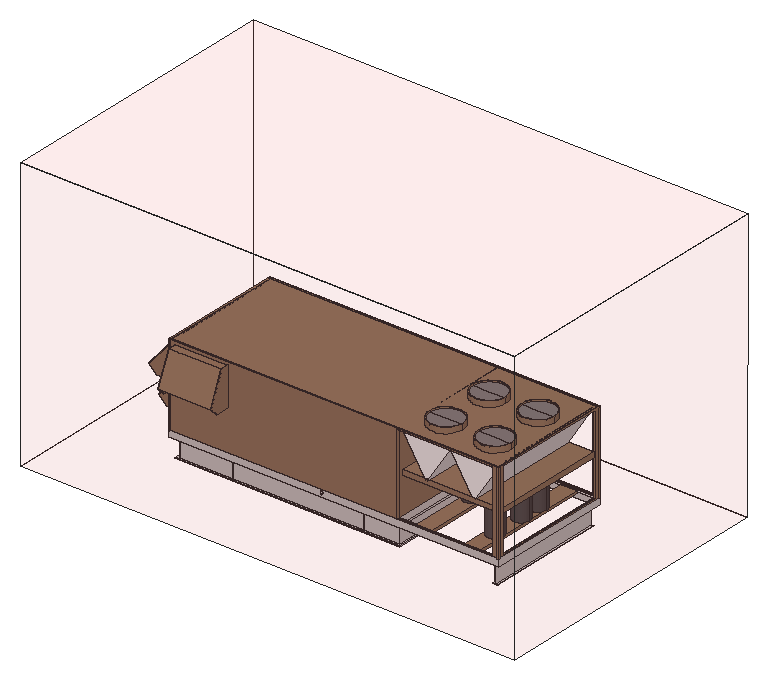
Revit family
Parameters (values of type "25 Ton - A - C - X - 208V")
  Width = 92"  # constant formula
  Water Heating Pressure Drop [instance] = 0.00 psi
  Voltage = 0 V
  URL = "www.johnsoncontrols.com"
  Temperature Rise Range [instance] = 0 °F
  Supply Fan HP = 0 W
  Supply Fan Full Load Current = 0 A
  Supply Air Connection Width = 71 39/64"  # constant formula
  Supply Air Connection Height = 26"  # constant formula
  Supply Air Connection Description = "Supply Air"  # constant formula
  Steam Outlet Connector Description = "Steam Out"  # constant formula
  Steam Inlet Connection Description = "Steam In"  # constant formula
  Steam Connection Diameter = 2"  # constant formula
  Steady State Efficiency [instance] = 0
  Static Resistance [instance] = 0
  Serial Number [instance] = ""
  Seasonal Energy Efficiency Rating [instance] = 0
  Right Screen Detail Width = Width - 8"  # 84"
  Return Dry Bulb Temperature [instance] = 68 °F
  Return Air Connection Width = 83"  # constant formula
  Return Air Connection Height = 38 151/256"  # constant formula
  Return Air Connection Description = "Return Air"  # constant formula
  Refrigerant Used = "R-410A"  # constant formula
  Refrigerant Charge System Two = 12.00 lbf
  Refrigerant Charge System Three = 10.00 lbf
  Refrigerant Charge System One = 12.00 lbf
  Refrigerant Charge System Four = 10.00 lbf
  Product Page URL = "http://www.johnsoncontrols.com/publish/us/en/products/building_efficiency/integrated_hvac_systems/Industrial___Commercial_HVAC_Equipment/single-package_units/series_40.html"
  Product Documentation Link = "http://www.johnsoncontrols.com/publish/etc/medialib/jci/be/commercial/products/industrial___commercial/single-package_units.Par.8585.File.dat/series%2040%20-V%20series.pdf"
  Power Supply Connection Diameter = 3 5/8"  # constant formula
  Power Front Connection Diameter = 2 1/2"  # constant formula
  Power Factor = 1  # constant formula
  Power Exhaust Width = 59 133/256"  # constant formula
  Power Exhaust [instance] = yes
  Power Convenience Outlet Description [instance] = if(Power Convenience Outlet, "Convenience Electrical Connection", "Disable")  # "Disable"
  Power Convenience Outlet [instance] = no
  Power Connector Description = "Power Wirering Connection"  # constant formula
  Outdoor Ambient Temperature [instance] = 75 °F
  Outdoor Air Wet Bulb Temperature [instance] = 57 °F
  Operating Weight = 4410.00 lbf
  OmniClass Title = "Packaged Rooftop Air Conditioning Units"  # constant formula
  OmniClass Number = "23.75.10.24.21.27.14"  # constant formula
  Number of Poles = 3
  Nominal Cooling Capacity = 25.0 ton
  Model = "V32AX"
  Maximum Overcurrent Protection = 0 A
  Manufacturer = "Johnson Controls, Inc."  # constant formula
  Length = 240"  # constant formula
  Keynote = "15700"
  Integrated Part Load Value = 0
  Hot Gas By Pass [instance] = no
  Height = 64"  # constant formula
  Steam Connection Radius = Steam Connection Diameter / 2  # 1"
  Heating Coil Size = "22.5\" x 65\""
  Heating Coil Row Count = 2
  Heating Coil Fin Density per Inch = 16  # constant formula
  Power Front Connection Radius = Power Front Connection Diameter / 2  # 1 1/4"
  Frame Material = Metal - JCI - Steel - Galvanized With Wood Nailer
  Frame Finish = Paint - JCI - Powder Coated - Champagne
  Filter Type = ""
  Filter Size and Quantity = "4 / 16x25 and 6 / 20x25"  # constant formula
  Family Revision Date = "06/18/2010"  # constant formula
  External Static Pressure [instance] = 0.00 in-wg
  Exhaust Fan Type = "FC"  # constant formula
  Exhaust Fan Quantity = 1
  Exhaust Fan HP [instance] = 0 W
  Exhaust Fan Drive = "Belt Drive"
  Exhaust Air Flow = 0 CFM
  Exhaust Air Blower Full Load Current = 0 A
  Evaporator Coil Row Count = 2
  Evaporator Coil Fins per Inch = 16  # constant formula
  Evaporator Coil Face Area = 26.00 SF
  Economizer Damper Hood Right [instance] = not(Economizer Damper Hood Left)  # yes
  Door Screen Detail Height = Height - 5 5/8"  # 58 3/8"
  Design Supply Air Flow [instance] = 0 CFM
  Curb Exists [instance] = yes
  Convenience Outlet Voltage [instance] = if(Power Convenience Outlet, 115 V, 0 V)  # 0 V
  Convenience Outlet Full Load Current = 0 A
  Energy Efficiency Rating = 10.5
  Economizer Damper Hood Left [instance] = no
  Description = "Air Handling Unit, Commercial Comfort Systems, Series 40, Cooling And Steam Water Heating-Bottom Return And Bottom Supply - 25 to 40 Ton Unit"  # constant formula
  Curb Width = 87"  # constant formula
  Curb Thicknes = 2"  # constant formula
  Curb Metal Gauge = 1/8"  # constant formula
  Curb Length = 235"  # constant formula
  Curb Height = 14"
  Curb Material = Metal - JCI - Steel - Galvanized With Wood Nailer
  Copyright © = "Copyright © 2001-2009 Johnson Controls"  # constant formula
  Connection Opening Radius = 1 1/4"  # constant formula
  Condenser Fan Quantity = 1
  Condenser Fan HP = 0 W
  Condenser Fan Full Load Current = 0 A
  Condenser Fan Drive Type = "Belt Drive"
  Condenser Fan Diameter = 24"
  Condenser Coil Rows = 2
  Condenser Coil Material = Metal - JCI - Aluminum - Perforated - Micro Channel
  Condenser Coil Fins per Inch = 16  # constant formula
  Condensate Drain Flow [instance] = 0 GPM
  Condensate Drain Connection Radius = Condensate Drain Connection Diameter / 2  # 3/4"
  Condensate Drain Connection Diameter = 1 1/2"  # constant formula
  Condensate Drain Connection Description = "Condensate Drain"  # constant formula
  Compressor Type = "Scroll"  # constant formula
  Compressor Size = "5.7 Tons"
  Compressor Running Load Current = 0 A
  Compressor Quantity = 4
  Compressor Maximum Continuous Current = 0 A
  Compressor Material = Metal - JCI - Cast Iron - Coated Black
  Compressor Locked Rotor Current = 0 A
  Clearance Top = 120"
  Clearance Right = 60"
  Clearance Left = 60"
  Clearance Front = 60"
  Clearance Bottom [instance] = if(Curb Exists, CTRL Curb Height, 0")  # 14"
  Clearance Back = 60"
  Clearance [instance] = Include Clearance : Include Clearance
  Power Supply Connection Radius = Power Supply Connection Diameter / 2  # 1 13/16"
  CTRL Curb Height [instance] = if(Curb Exists, if(Curb Height < 9", 8", 14"), 0")  # 14"
  Assembly Code = "D3050200"
  Actual Supply Air Flow [instance] = 0 CFM
  Actual Return Air Flow [instance] = 0 CFM
  Actual Evaporator Supply Flow [instance] = 0 GPM
  Actual Evaporator Return Flow [instance] = 0 GPM
Reference planes (in)
  plane 1 "Center (Front/Back)": y = 0
  plane 2 "Curb Bottom": z = 0
  plane 3 "Center (Left/Right)": x = 0
  plane 4 "Curb Left": x = -117.5
  plane 5 "Curb Right": x = 117.5
  plane 6 "Curb Front": y = -43.5
  plane 7 "Curb Back": y = 43.5
  plane 8 "Return Air Left": x = -115.5
  plane 9 "Right Rail Center L/R": x = 115.5
  plane 10 "Return Air Front": y = -41.5
  plane 11 "Return Air Back": y = 41.5
  plane 12 "Curb Top": z = 14
  plane 13 "Curb Top Offset": z = 12.5
  plane 14 "Return Air Right": x = -76.91016
  plane 15 "Return Air Right Inset": x = -74.91016
  plane 16 "Supply Air Left": x = 18.17984
  plane 17 "Supply Air Right'": x = 44.17984
  plane 18 "Supply Air Right Offset": x = 46.17984
  plane 19 "Supply Air Left Offset": x = 16.17984
  plane 20 "Supply Air Front": y = -30.10938
  plane 21 "Supply Air Front Offset": y = -32.10938
  plane 22 "Right Rail Left": x = 113.5
  plane 23 "Right": x = 120
  plane 24 "Left": x = -120
  plane 25 "Back": y = 46
  plane 26 "Front": y = -46
  plane 27 "Center of Drain Connection L/R": x = -39.07
  plane 28 "Top of Base": z = 18.625
  plane 29 "Drain Center T/B": z = 16.3125
  plane 30 "Drain Back": y = 47
  plane 31 "Flanged Drain Left": x = -42.195
  plane 32 "Flanged Drain Right": x = -35.945
  plane 33 "Center of Electrical Connection L/R": x = -8.5
  plane 34 "Center of Electrical Connection F/B": y = -39.54
  plane 35 "Center of Connection Holes T/B": z = 17.0625
  plane 36 "Power Exhaust Bottom": z = 21.94
  plane 37 "Center (Elevation)": z = 46
  plane 38 "Top Inset": z = 77.5
  plane 39 "Top": z = 78
  plane 40 "Top of Economizer Rain Hood": z = 76
  plane 41 "Condenser Fans Right": x = 99.66996
  plane 42 "Condenser Fans Center L/R": x = 81.83992
  plane 43 "Condenser Fans Left": x = 64.00988
  plane 44 "Condenser Fans Back": y = 15.33333
  plane 45 "Condenser Fans Front": y = -23.97667
  plane 46 "Water Outlet Center L/R": x = 41.62984
  plane 47 "Water Outlet Center F/B": y = -37.62
  plane 48 "Steam Inlet Center F/B": y = -38
  plane 49 "Steam Inlet Center L/R": x = 27.17984
  plane 50 "Power Convenience Outlet Center L/R": x = -14.5
  plane 51 "Power Convenience Outlet Right": x = -13.75
  plane 52 "Power Convenience Outlet Left": x = -15.25
  plane 53 "Power Convenience Outlet Bottom": z = 16.0625
  plane 54 "Power Convenience Outlet Top": z = 18.0625
  plane 55 "Power Convenience Outlet Front": y = -46.75
  plane 56 "Supply Center": x = 31.17984
  plane 57 "Supply Middle": y = 5.69937
  plane 58 "Return Center": x = -96.20508
Forms (in)
  Sweep 1, solid, material "Metal - JCI - Steel - Galvanized With Wood Nailer" <- "Curb Material", visible <- "Curb Exists", detail levels fine
    path origin (0, 0, 0) x (1, 0, 0) y (0, 1, 0)
      loop
        line (-115.5, 41.5) -> (-115.5, -41.5) -> (44.17984, -41.5) -> (44.17984, 41.5) -> (-115.5, 41.5)
    profile origin (-35.66008, 41.5, 0) x (0, 1, 0) y (0, 0, 1)
      loop
        line (0, 0) -> (2, 0) -> (2, 0.125) -> (0.125, 0.125) -> (0.125, 13.875) -> (1.875, 13.875) -> (1.875, 12.5) -> (2, 12.5) -> (2, 14) -> (0, 14) -> (0, 0)
  Extrusion 2, solid, material "Metal - JCI - Steel - Galvanized With Wood Nailer" <- "Curb Material", visible <- "Curb Exists", detail levels fine
    sketch origin (0, 0, 0) x (1, 0, 0) y (0, 0, 1)
      loop
        line (16.17984, 12.5) -> (16.30484, 12.5) -> (16.30484, 13.875) -> (18.05484, 13.875) -> (18.05484, 0.125) -> (16.17984, 0.125) -> (16.17984, 0) -> (18.17984, 0) -> (18.17984, 14) -> (16.17984, 14) -> (16.17984, 12.5)
      loop
        line (-74.91016, 12.5) -> (-74.91016, 14) -> (-76.91016, 14) -> (-76.91016, 0) -> (-74.91016, 0) -> (-74.91016, 0.125) -> (-76.78516, 0.125) -> (-76.78516, 13.875) -> (-75.03516, 13.875) -> (-75.03516, 12.5) -> (-74.91016, 12.5)
    from -41.5 to 41.5
  Extrusion 3, solid, material "Metal - JCI - Steel - Galvanized With Wood Nailer" <- "Curb Material", visible <- "Curb Exists", detail levels fine
    sketch origin (0, 0, 0) x (0, 1, 0) y (0, 0, 1)
      loop
        line (-32.10938, 0.125) -> (-32.10938, 0) -> (-30.10938, 0) -> (-30.10938, 14) -> (-32.10938, 14) -> (-32.10938, 12.5) -> (-31.98438, 12.5) -> (-31.98438, 13.875) -> (-30.23438, 13.875) -> (-30.23438, 0.125) -> (-32.10938, 0.125)
    from 18.17984 to 44.17984
  Extrusion 4, solid, material "Metal - JCI - Steel - Galvanized With Wood Nailer" <- "Curb Material", visible <- "Curb Exists", detail levels fine
    sketch origin (0, 0, 0) x (1, 0, 0) y (0, 0, 1)
      loop
        line (113.5, 0.125) -> (113.5, 0) -> (117.5, 0) -> (117.5, 0.125) -> (115.625, 0.125) -> (115.625, 13.875) -> (117.375, 13.875) -> (117.375, 12.5) -> (117.5, 12.5) -> (117.5, 14) -> (113.5, 14) -> (113.5, 12.5) -> (113.625, 12.5) -> (113.625, 13.875) -> (115.375, 13.875) -> (115.375, 0.125) -> (113.5, 0.125)
    from -43.5 to 43.5
  Extrusion 5, solid, material "Metal - JCI - Steel - Galvanized With Wood Nailer" <- "Curb Material", visible <- "Curb Exists", detail levels medium
    sketch origin (0, 0, 12.5) x (-1, 0, 0) y (0, -1, 0)
      loop
        line (117.5, -43.5) -> (117.5, 43.5) -> (-46.17984, 43.5) -> (-46.17984, -43.5) -> (117.5, -43.5)
      loop
        line (-113.5, -43.5) -> (-113.5, 43.5) -> (-117.5, 43.5) -> (-117.5, -43.5) -> (-113.5, -43.5)
    from -12.5 to 1.5
  Revolve 6, solid, material "Metal - JCI - Steel - Galvanized With Wood Nailer" <- "Curb Material", detail levels medium+fine
    sketch origin (0, 0, 16.3125) x (-1, 0, 0) y (0, -1, 0)
      loop
        line (39.07, -47) -> (39.07, -46) -> (38.32, -46) -> (38.32, -47) -> (39.07, -47)
      axis (39.07, -46) -> (39.07, -47)
    angle from 0 to 360
  Extrusion 7, solid, material "Metal - JCI - Steel - Galvanized With Wood Nailer" <- "Curb Material", detail levels medium+fine
    sketch origin (0, -43.5, 0) x (-1, 0, 0) y (0, 0, 1)
      loop
        line (42.195, 18.625) -> (35.945, 18.625) -> (35.945, 14) -> (42.195, 14) -> (42.195, 18.625)
      loop
        circle (39.07, 16.3125) r 0.75
    from 89.5 to 89.57955
  Extrusion 8, solid, material "Metal - JCI - Steel - Galvanized With Wood Nailer" <- "Frame Material", visible <- "Power Convenience Outlet"
    sketch origin (0, -43.5, 0) x (-1, 0, 0) y (0, 0, 1)
      loop
        circle (8.5, 17.0625) r 1.25
    from -2.5 to 3.96
  Extrusion 9, void
    sketch origin (0, 0, 16.3125) x (-1, 0, 0) y (0, -1, 0)
      loop
        line (-18.17984, -41.5) -> (-18.17984, 30.10938) -> (-44.17984, 30.10938) -> (-44.17984, -41.5) -> (-18.17984, -41.5)
    from -3.8125 to -2.3125
  Extrusion 10, void
    sketch origin (0, 0, 16.3125) x (-1, 0, 0) y (0, -1, 0)
      loop
        line (115.5, -41.5) -> (115.5, 41.5) -> (76.91016, 41.5) -> (76.91016, -41.5) -> (115.5, -41.5)
    from -3.8125 to -2.3125
  Extrusion 11, void
    sketch origin (0, 0, 16.3125) x (-1, 0, 0) y (0, -1, 0)
      loop
        circle (-27.17984, 38) r 1
    from -3.8125 to 2.3125
  Extrusion 12, void
    sketch origin (0, 0, 16.3125) x (-1, 0, 0) y (0, -1, 0)
      loop
        circle (-41.62984, 37.62) r 1
    from -3.8125 to 2.3125
  Extrusion 13, solid, material "Metal - JCI - Steel - Galvanized With Wood Nailer" <- "Frame Material", visible <- "Power Convenience Outlet", detail levels medium+fine
    sketch origin (0, -46, 0) x (-1, 0, 0) y (0, 0, 1)
      loop
        line (15.25, 18.0625) -> (13.75, 18.0625) -> (13.75, 16.0625) -> (15.25, 16.0625) -> (15.25, 18.0625)
    from -0.75 to 0
Lines and regions (in)
  Masking region 1
    outline origin (0, 0, 0) x (1, 0, 0) y (0, 0, 1)
      loop
        line (113.5, 14) -> (113.5, 0) -> (117.5, 0) -> (117.5, 14) -> (113.5, 14)
      loop
        line (-117.5, 14) -> (-117.5, 0) -> (46.17984, 0) -> (46.17984, 14) -> (-117.5, 14)
  Masking region 2
    outline origin (0, 0, 0) x (0, 1, 0) y (0, 0, 1)
      loop
        line (-43.5, 14) -> (-43.5, 0) -> (43.5, 0) -> (43.5, 14) -> (-43.5, 14)
  Masking region 3, visible <- "Power Convenience Outlet", detail levels medium+fine
    outline origin (-14.5, 0, 0) x (0, -1, 0) y (0, 0, 1)
      loop
        line (46.75, 18.0625) -> (46, 18.0625) -> (46, 16.0625) -> (46.75, 16.0625) -> (46.75, 18.0625)
  Masking region 4, visible <- "Power Convenience Outlet"
    outline origin (0, -46, 0) x (-1, 0, 0) y (0, 0, 1)
      loop
        line (15.25, 18.0625) -> (13.75, 18.0625) -> (13.75, 16.0625) -> (15.25, 16.0625) -> (15.25, 18.0625)
  Masking region 5, detail levels medium+fine
    outline origin (-39.07, 0, 0) x (0, -1, 0) y (0, 0, 1)
      loop
        line (-46, 17.0625) -> (-47, 17.0625) -> (-47, 15.5625) -> (-46, 15.5625) -> (-46, 17.0625)
  Masking region 6, detail levels medium+fine
    outline origin (0, 0, 16.3125) x (-1, 0, 0) y (0, -1, 0)
      loop
        line (39.82, -47) -> (39.82, -46) -> (38.32, -46) -> (38.32, -47) -> (39.82, -47)
  model lines, style "Roof Curv", visible <- "Curb Exists", detail levels coarse
    curve 1: line (-117.5, 43.5, 0) -> (46.17984, 43.5, 0)
    curve 2: line (-117.5, 43.5, 0) -> (-117.5, -43.5, 0)
    curve 3: line (-117.5, -43.5, 0) -> (46.17984, -43.5, 0)
    curve 4: line (46.17984, 43.5, 0) -> (46.17984, -43.5, 0)
    curve 5: line (115.5, 43.5, 0) -> (115.5, -43.5, 0)
    curve 6: line (-117.5, 43.5, 14) -> (46.17984, 43.5, 14)
    curve 7: line (-117.5, -43.5, 14) -> (46.17984, -43.5, 14)
    curve 8: line (46.17984, 43.5, 14) -> (46.17984, -43.5, 14)
    curve 9: line (-117.5, 43.5, 14) -> (-117.5, -43.5, 14)
    curve 10: line (115.5, 43.5, 14) -> (115.5, -43.5, 14)
    curve 11: line (113.5, -43.5, 14) -> (117.5, -43.5, 14)
    curve 12: line (113.5, 43.5, 14) -> (117.5, 43.5, 14)
    curve 13: line (113.5, 43.5, 0) -> (117.5, 43.5, 0)
    curve 14: line (113.5, -43.5, 0) -> (117.5, -43.5, 0)
    curve 15: line (117.5, 43.5, 14) -> (117.5, 43.5, 12.5)
    curve 16: line (113.5, 43.5, 14) -> (113.5, 43.5, 12.5)
    curve 17: line (115.5, 43.5, 14) -> (115.5, 43.5, 0)
    curve 18: line (113.5, -43.5, 14) -> (113.5, -43.5, 12.5)
    curve 19: line (117.5, -43.5, 14) -> (117.5, -43.5, 12.5)
    curve 20: line (115.5, -43.5, 14) -> (115.5, -43.5, 0)
    curve 21: line (113.5, 43.5, 0) -> (113.5, -43.5, 0)
    curve 22: line (117.5, 43.5, 0) -> (117.5, -43.5, 0)
    curve 23: line (113.5, 43.5, 14) -> (113.5, -43.5, 14)
    curve 24: line (117.5, 43.5, 14) -> (117.5, -43.5, 14)
    curve 25: line (117.5, 43.5, 12.5) -> (117.5, -43.5, 12.5)
    curve 26: line (113.5, -43.5, 12.5) -> (113.5, 43.5, 12.5)
    curve 27: line (44.17984, 41.5, 14) -> (44.17984, 41.5, 0)
    curve 28: line (-115.5, 41.5, 14) -> (-115.5, 41.5, 0)
    curve 29: line (-115.5, -41.5, 14) -> (-115.5, -41.5, 0)
    curve 30: line (44.17984, -41.5, 14) -> (44.17984, -41.5, 0)
    curve 31: line (-115.5, 41.5, 0) -> (44.17984, 41.5, 0)
    curve 32: line (-115.5, -41.5, 0) -> (44.17984, -41.5, 0)
    curve 33: line (44.17984, 41.5, 0) -> (44.17984, -41.5, 0)
    curve 34: line (-115.5, 41.5, 0) -> (-115.5, -41.5, 0)
    curve 35: line (-115.5, 41.5, 14) -> (44.17984, 41.5, 14)
    curve 36: line (44.17984, 41.5, 14) -> (44.17984, -41.5, 14)
    curve 37: line (44.17984, -41.5, 14) -> (-115.5, -41.5, 14)
    curve 38: line (-115.5, -41.5, 14) -> (-115.5, 41.5, 14)
    curve 39: line (-117.5, 43.5, 14) -> (-115.5, 41.5, 14)
    curve 40: line (-117.5, -43.5, 14) -> (-115.5, -41.5, 14)
    curve 41: line (44.17984, -41.5, 14) -> (46.17984, -43.5, 14)
    curve 42: line (44.17984, 41.5, 14) -> (46.17984, 43.5, 14)
    curve 43: line (44.17984, 41.5, 0) -> (46.17984, 43.5, 0)
    curve 44: line (44.17984, -41.5, 0) -> (46.17984, -43.5, 0)
    curve 45: line (-115.5, -41.5, 0) -> (-117.5, -43.5, 0)
    curve 46: line (-115.5, 41.5, 0) -> (-117.5, 43.5, 0)
    curve 47: line (-117.5, 43.5, 14) -> (-117.5, 43.5, 12.5)
    curve 48: line (46.17984, 43.5, 14) -> (46.17984, 43.5, 12.5)
    curve 49: line (-117.5, -43.5, 14) -> (-117.5, -43.5, 12.5)
    curve 50: line (46.17984, -43.5, 14) -> (46.17984, -43.5, 12.5)
    curve 51: line (-117.5, 43.5, 12.5) -> (46.17984, 43.5, 12.5)
    curve 52: line (-117.5, -43.5, 12.5) -> (-117.5, 43.5, 12.5)
    curve 53: line (46.17984, -43.5, 12.5) -> (-117.5, -43.5, 12.5)
    curve 54: line (46.17984, 43.5, 12.5) -> (46.17984, -43.5, 12.5)
  model lines, style "Roof Curv", detail levels coarse
    curve 55: line (-39.07, 46, 16.3125) -> (-39.07, 47, 16.3125)
  symbolic lines, style "Roof Curv", detail levels coarse
    curve 56: line (-39.07, 46, 16.3125) -> (-39.07, 47, 16.3125)
    curve 57: line (-39.07, 46, 16.3125) -> (-39.07, 47, 16.3125)
  model lines, style "Frame Unit", visible <- "Power Convenience Outlet", detail levels coarse
    curve 58: line (-14.5, -46.75, 17.0625) -> (-14.5, -46, 17.0625)
    curve 60: line (-15.25, -46, 18.0625) -> (-13.75, -46, 18.0625)
    curve 61: line (-13.75, -46, 18.0625) -> (-13.75, -46, 16.0625)
    curve 62: line (-13.75, -46, 16.0625) -> (-15.25, -46, 16.0625)
    curve 63: line (-15.25, -46, 16.0625) -> (-15.25, -46, 18.0625)
  symbolic lines, style "Frame Unit", visible <- "Power Convenience Outlet", detail levels coarse
    curve 59: line (-14.5, -46.75, 17.0625) -> (-14.5, -46, 17.0625)
Dimensions and locks (in)
  "Curb Thicknes": plane 9 "Right Rail Center L/R" to plane 5 "Curb Right"
  "Curb Thicknes": plane 4 "Curb Left" to plane 8 "Return Air Left"
  "Curb Height": plane 12 "Curb Top" to plane 2 "Curb Bottom"
  locked: plane 12 "Curb Top" to plane 13 "Curb Top Offset" at 1.5
  "Curb Metal Gauge": Sweep 1 sketch curve to plane 7 "Curb Back"
  "Curb Metal Gauge": plane 12 "Curb Top" to Sweep 1 sketch curve
  "Curb Metal Gauge": plane 11 "Return Air Back" to Sweep 1 sketch curve
  "Curb Metal Gauge": Sweep 1 sketch curve to plane 2 "Curb Bottom"
  "Curb Thicknes": plane 14 "Return Air Right" to plane 15 "Return Air Right Inset"
  "Return Air Connection Height": plane 8 "Return Air Left" to plane 14 "Return Air Right"
  "Supply Air Connection Height": plane 16 "Supply Air Left" to plane 17 "Supply Air Right'"
  "Curb Thicknes": plane 17 "Supply Air Right'" to plane 18 "Supply Air Right Offset"
  "Curb Thicknes": plane 19 "Supply Air Left Offset" to plane 16 "Supply Air Left"
  locked: plane 18 "Supply Air Right Offset" to plane 5 "Curb Right" at 71.32016
  "Curb Metal Gauge": plane 14 "Return Air Right" to Extrusion 2 sketch curve
  "Curb Metal Gauge": Extrusion 2 sketch curve to plane 2 "Curb Bottom"  (x2)
  "Curb Metal Gauge": Extrusion 2 sketch curve to plane 15 "Return Air Right Inset"
  "Curb Metal Gauge": plane 12 "Curb Top" to Extrusion 2 sketch curve  (x2)
  "Curb Metal Gauge": plane 19 "Supply Air Left Offset" to Extrusion 2 sketch curve
  "Curb Metal Gauge": Extrusion 2 sketch curve to plane 16 "Supply Air Left"
  "Supply Air Connection Width": plane 20 "Supply Air Front" to plane 11 "Return Air Back"
  "Curb Thicknes": plane 20 "Supply Air Front" to plane 21 "Supply Air Front Offset"
  "Curb Metal Gauge": Extrusion 3 sketch curve to plane 20 "Supply Air Front"
  "Curb Metal Gauge": plane 21 "Supply Air Front Offset" to Extrusion 3 sketch curve
  "Curb Metal Gauge": plane 12 "Curb Top" to Extrusion 3 sketch curve
  "Curb Metal Gauge": Extrusion 3 sketch curve to plane 2 "Curb Bottom"
  "Curb Thicknes": plane 22 "Right Rail Left" to plane 9 "Right Rail Center L/R"
  "Curb Metal Gauge": plane 12 "Curb Top" to Extrusion 4 sketch curve
  "Curb Metal Gauge": Extrusion 4 sketch curve to plane 5 "Curb Right"
  "Curb Metal Gauge": Extrusion 4 sketch curve to plane 2 "Curb Bottom"
  "Curb Metal Gauge": Extrusion 4 sketch curve to plane 9 "Right Rail Center L/R"
  "Curb Metal Gauge": plane 9 "Right Rail Center L/R" to Extrusion 4 sketch curve
  "Curb Metal Gauge": Extrusion 4 sketch curve to plane 22 "Right Rail Left"
  equal spacing: plane 24 "Left", plane 3 "Center (Left/Right)", plane 23 "Right"
  "Length": plane 24 "Left" to plane 23 "Right"
  equal spacing: plane 25 "Back", plane 1 "Center (Front/Back)", plane 26 "Front"
  "Width": plane 25 "Back" to plane 26 "Front"
  locked: plane 7 "Curb Back" to plane 25 "Back" at 2.5
  locked: plane 6 "Curb Front" to plane 26 "Front" at 2.5
  "Curb Thicknes": plane 10 "Return Air Front" to plane 6 "Curb Front"
  "Curb Thicknes": plane 11 "Return Air Back" to plane 7 "Curb Back"
  locked: plane 5 "Curb Right" to plane 23 "Right" at 2.5
  locked: plane 24 "Left" to plane 4 "Curb Left" at 2.5
  locked: plane 24 "Left" to plane 27 "Center of Drain Connection L/R" at 80.93
  locked: plane 28 "Top of Base" to plane 12 "Curb Top" at 4.625
  equal spacing: plane 28 "Top of Base", plane 29 "Drain Center T/B", plane 12 "Curb Top"
  "Condensate Drain Connection Radius": Revolve 6 sketch curve to Revolve 6 sketch curve
  locked: plane 25 "Back" to plane 30 "Drain Back" at 1
  equal spacing: plane 32 "Flanged Drain Right", plane 27 "Center of Drain Connection L/R", plane 31 "Flanged Drain Left"
  locked: plane 32 "Flanged Drain Right" to plane 31 "Flanged Drain Left" at 6.25
  "Condensate Drain Connection Radius": Extrusion 7 sketch curve to plane 29 "Drain Center T/B"
  "Condensate Drain Connection Radius": plane 27 "Center of Drain Connection L/R" to Extrusion 7 sketch curve
  locked: plane 25 "Back" to Extrusion 7 at 0.07955
  locked: plane 33 "Center of Electrical Connection L/R" to plane 23 "Right" at 128.5
  locked: plane 34 "Center of Electrical Connection F/B" to plane 26 "Front" at 6.46
  locked: plane 35 "Center of Connection Holes T/B" to plane 12 "Curb Top" at 3.0625
  "Power Front Connection Radius": plane 33 "Center of Electrical Connection L/R" to Extrusion 8 sketch curve
  "Power Front Connection Radius": plane 35 "Center of Connection Holes T/B" to Extrusion 8 sketch curve
  locked: plane 36 "Power Exhaust Bottom" to plane 12 "Curb Top" at 7.94
  locked: plane 39 "Top" to plane 40 "Top of Economizer Rain Hood" at 2
  locked: plane 39 "Top" to plane 38 "Top Inset" at 0.5
  equal spacing: plane 39 "Top", plane 37 "Center (Elevation)", plane 12 "Curb Top"
  "Height": plane 39 "Top" to plane 12 "Curb Top"
  equal spacing: plane 18 "Supply Air Right Offset", plane 43 "Condenser Fans Left", plane 42 "Condenser Fans Center L/R", plane 41 "Condenser Fans Right", plane 5 "Curb Right"
  locked: plane 45 "Condenser Fans Front" to plane 44 "Condenser Fans Back" at 39.31
  locked: plane 44 "Condenser Fans Back" to plane 25 "Back" at 30.66667
  locked: plane 46 "Water Outlet Center L/R" to plane 17 "Supply Air Right'" at 2.55
  locked: plane 47 "Water Outlet Center F/B" to plane 26 "Front" at 8.38
  locked: plane 48 "Steam Inlet Center F/B" to plane 26 "Front" at 8
  locked: plane 16 "Supply Air Left" to plane 49 "Steam Inlet Center L/R" at 9
  "Steam Connection Radius": plane 49 "Steam Inlet Center L/R" to Extrusion 11 sketch curve
  "Steam Connection Radius": plane 48 "Steam Inlet Center F/B" to Extrusion 11 sketch curve
  "Steam Connection Radius": Extrusion 12 sketch curve to plane 47 "Water Outlet Center F/B"
  "Steam Connection Radius": plane 46 "Water Outlet Center L/R" to Extrusion 12 sketch curve
  locked: plane 50 "Power Convenience Outlet Center L/R" to plane 33 "Center of Electrical Connection L/R" at 6
  equal spacing: plane 52 "Power Convenience Outlet Left", plane 50 "Power Convenience Outlet Center L/R", plane 51 "Power Convenience Outlet Right"
  locked: plane 51 "Power Convenience Outlet Right" to plane 52 "Power Convenience Outlet Left" at 1.5
  locked: plane 54 "Power Convenience Outlet Top" to plane 53 "Power Convenience Outlet Bottom" at 2
  equal spacing: plane 54 "Power Convenience Outlet Top", plane 35 "Center of Connection Holes T/B", plane 53 "Power Convenience Outlet Bottom"
  locked: plane 55 "Power Convenience Outlet Front" to plane 26 "Front" at 0.75
  "Condensate Drain Connection Radius": plane 29 "Drain Center T/B" to Masking region 5 sketch curve
  "Condensate Drain Connection Radius": Masking region 5 sketch curve to plane 29 "Drain Center T/B"
  "Condensate Drain Connection Radius": plane 27 "Center of Drain Connection L/R" to Masking region 6 sketch curve
  "Condensate Drain Connection Radius": Masking region 6 sketch curve to plane 27 "Center of Drain Connection L/R"
  "Power Front Connection Radius": radius of Extrusion 8 sketch curve
  "Steam Connection Radius": radius of Extrusion 11 sketch curve
  "Steam Connection Radius": radius of Extrusion 12 sketch curve
  aligned and locked: plane 2 "Curb Bottom" to level
  aligned and locked: Sweep 1 sketch curve to plane 11 "Return Air Back"
  aligned and locked: Sweep 1 sketch curve to plane 12 "Curb Top"
  aligned and locked: plane 13 "Curb Top Offset" to Sweep 1 sketch curve
  aligned and locked: plane 11 "Return Air Back" to Sweep 1 sketch curve
  aligned and locked: plane 10 "Return Air Front" to Sweep 1 sketch curve
  aligned and locked: Sweep 1 sketch curve to plane 8 "Return Air Left"
  aligned and locked: plane 7 "Curb Back" to Sweep 1 sketch curve
  aligned and locked: Sweep 1 sketch curve to plane 2 "Curb Bottom"
  aligned and locked: plane 17 "Supply Air Right'" to Sweep 1 sketch curve
  aligned and locked: plane 16 "Supply Air Left" to Extrusion 2 sketch curve
  aligned and locked: Extrusion 2 sketch curve to plane 19 "Supply Air Left Offset"  (x2)
  aligned and locked: Extrusion 2 sketch curve to plane 12 "Curb Top"
  aligned and locked: plane 2 "Curb Bottom" to Extrusion 2 sketch curve
  aligned and locked: Extrusion 2 sketch curve to plane 15 "Return Air Right Inset"  (x2)
  aligned and locked: plane 14 "Return Air Right" to Extrusion 2 sketch curve
  aligned and locked: plane 12 "Curb Top" to Extrusion 2 sketch curve
  aligned and locked: Extrusion 2 sketch curve to plane 2 "Curb Bottom"
  aligned and locked: Extrusion 2 to plane 11 "Return Air Back"
  aligned and locked: Extrusion 2 to plane 10 "Return Air Front"
  aligned and locked: Extrusion 2 sketch curve to plane 13 "Curb Top Offset"
  aligned and locked: plane 13 "Curb Top Offset" to Extrusion 2 sketch curve
  aligned and locked: Extrusion 3 sketch curve to plane 12 "Curb Top"
  aligned and locked: plane 2 "Curb Bottom" to Extrusion 3 sketch curve
  aligned and locked: Extrusion 3 sketch curve to plane 20 "Supply Air Front"
  aligned and locked: plane 21 "Supply Air Front Offset" to Extrusion 3 sketch curve  (x2)
  aligned and locked: plane 13 "Curb Top Offset" to Extrusion 3 sketch curve
  aligned and locked: plane 16 "Supply Air Left" to Extrusion 3
  aligned and locked: Extrusion 3 to plane 17 "Supply Air Right'"
  aligned and locked: Extrusion 4 sketch curve to plane 12 "Curb Top"
  aligned and locked: plane 22 "Right Rail Left" to Extrusion 4 sketch curve  (x2)
  aligned and locked: plane 13 "Curb Top Offset" to Extrusion 4 sketch curve  (x2)
  aligned and locked: plane 5 "Curb Right" to Extrusion 4 sketch curve  (x2)
  aligned and locked: plane 2 "Curb Bottom" to Extrusion 4 sketch curve
  aligned and locked: Extrusion 4 sketch curve to Extrusion 4 sketch curve  (x2)
  aligned and locked: Extrusion 4 to plane 7 "Curb Back"
  aligned and locked: Extrusion 4 to plane 6 "Curb Front"
  aligned and locked: plane 6 "Curb Front" to curve 4
  aligned and locked: plane 7 "Curb Back" to curve 5
  aligned and locked: plane 6 "Curb Front" to curve 5
  aligned and locked: curve 5 to plane 9 "Right Rail Center L/R"
  aligned and locked: plane 18 "Supply Air Right Offset" to curve 1
  aligned and locked: plane 4 "Curb Left" to curve 3
  aligned and locked: curve 3 to plane 6 "Curb Front"
  aligned and locked: plane 4 "Curb Left" to curve 9
  aligned and locked: plane 18 "Supply Air Right Offset" to curve 7
  aligned and locked: plane 22 "Right Rail Left" to curve 11
  aligned and locked: plane 22 "Right Rail Left" to curve 14
  aligned and locked: plane 5 "Curb Right" to curve 11
  aligned and locked: plane 5 "Curb Right" to curve 14
  aligned and locked: curve 11 to plane 6 "Curb Front"
  aligned and locked: curve 14 to plane 6 "Curb Front"
  aligned and locked: plane 18 "Supply Air Right Offset" to curve 8
  aligned and locked: plane 7 "Curb Back" to curve 10
  aligned and locked: curve 10 to plane 9 "Right Rail Center L/R"
  aligned and locked: plane 5 "Curb Right" to curve 13
  aligned and locked: plane 22 "Right Rail Left" to curve 12
  aligned and locked: plane 22 "Right Rail Left" to curve 13
  aligned and locked: plane 7 "Curb Back" to curve 12
  aligned and locked: plane 7 "Curb Back" to curve 13
  aligned and locked: plane 4 "Curb Left" to curve 6
  aligned and locked: plane 4 "Curb Left" to curve 1
  aligned and locked: plane 18 "Supply Air Right Offset" to curve 6
  aligned and locked: plane 6 "Curb Front" to curve 9
  aligned and locked: plane 6 "Curb Front" to curve 2
  aligned and locked: plane 12 "Curb Top" to curve 18
  aligned and locked: plane 12 "Curb Top" to curve 16
  aligned and locked: plane 12 "Curb Top" to curve 20
  aligned and locked: plane 12 "Curb Top" to curve 17
  aligned and locked: plane 12 "Curb Top" to curve 15
  aligned and locked: plane 12 "Curb Top" to curve 19
  aligned and locked: plane 13 "Curb Top Offset" to curve 18
  aligned and locked: plane 13 "Curb Top Offset" to curve 16
  aligned and locked: plane 13 "Curb Top Offset" to curve 15
  aligned and locked: plane 13 "Curb Top Offset" to curve 19
  aligned and locked: plane 2 "Curb Bottom" to curve 20
  aligned and locked: plane 2 "Curb Bottom" to curve 17
  aligned and locked: curve 16 to plane 22 "Right Rail Left"
  aligned and locked: curve 18 to plane 22 "Right Rail Left"
  aligned and locked: plane 5 "Curb Right" to curve 15
  aligned and locked: plane 5 "Curb Right" to curve 19
  aligned and locked: curve 17 to plane 9 "Right Rail Center L/R"
  aligned and locked: curve 20 to plane 9 "Right Rail Center L/R"
  aligned and locked: plane 5 "Curb Right" to curve 24
  aligned and locked: plane 7 "Curb Back" to curve 24
  aligned and locked: plane 7 "Curb Back" to curve 23
  aligned and locked: plane 7 "Curb Back" to curve 22
  aligned and locked: plane 7 "Curb Back" to curve 21
  aligned and locked: plane 6 "Curb Front" to curve 23
  aligned and locked: plane 6 "Curb Front" to curve 24
  aligned and locked: plane 6 "Curb Front" to curve 21
  aligned and locked: plane 6 "Curb Front" to curve 22
  aligned and locked: plane 7 "Curb Back" to curve 25
  aligned and locked: plane 7 "Curb Back" to curve 26
  aligned and locked: plane 6 "Curb Front" to curve 25
  aligned and locked: plane 5 "Curb Right" to curve 25
  aligned and locked: plane 22 "Right Rail Left" to curve 26
  aligned and locked: plane 12 "Curb Top" to curve 30
  aligned and locked: plane 12 "Curb Top" to curve 27
  aligned and locked: plane 12 "Curb Top" to curve 28
  aligned and locked: plane 12 "Curb Top" to curve 29
  aligned and locked: plane 2 "Curb Bottom" to curve 29
  aligned and locked: plane 2 "Curb Bottom" to curve 28
  aligned and locked: plane 2 "Curb Bottom" to curve 30
  aligned and locked: plane 2 "Curb Bottom" to curve 27
  aligned and locked: plane 17 "Supply Air Right'" to curve 27
  aligned and locked: plane 17 "Supply Air Right'" to curve 30
  aligned and locked: plane 8 "Return Air Left" to curve 28
  aligned and locked: plane 8 "Return Air Left" to curve 29
  aligned and locked: plane 8 "Return Air Left" to curve 31
  aligned and locked: plane 17 "Supply Air Right'" to curve 35
  aligned and locked: plane 10 "Return Air Front" to curve 36
  aligned and locked: plane 10 "Return Air Front" to curve 33
  aligned and locked: plane 17 "Supply Air Right'" to curve 33
  aligned and locked: curve 32 to plane 10 "Return Air Front"
  aligned and locked: plane 8 "Return Air Left" to curve 32
  aligned and locked: plane 10 "Return Air Front" to curve 38
  aligned and locked: curve 38 to plane 8 "Return Air Left"
  aligned and locked: plane 11 "Return Air Back" to curve 31
  aligned and locked: plane 11 "Return Air Back" to curve 35
  aligned and locked: plane 8 "Return Air Left" to curve 39
  aligned and locked: plane 7 "Curb Back" to curve 39
  aligned and locked: plane 11 "Return Air Back" to curve 42
  aligned and locked: plane 7 "Curb Back" to curve 42
  aligned and locked: plane 7 "Curb Back" to curve 43
  aligned and locked: plane 11 "Return Air Back" to curve 43
  aligned and locked: plane 18 "Supply Air Right Offset" to curve 44
  aligned and locked: plane 17 "Supply Air Right'" to curve 44
  aligned and locked: plane 17 "Supply Air Right'" to curve 41
  aligned and locked: plane 4 "Curb Left" to curve 40
  aligned and locked: plane 6 "Curb Front" to curve 40
  aligned and locked: curve 46 to curve 39
  aligned and locked: plane 7 "Curb Back" to curve 46
  aligned and locked: plane 6 "Curb Front" to curve 41
  aligned and locked: plane 13 "Curb Top Offset" to curve 47
  aligned and locked: plane 13 "Curb Top Offset" to curve 49
  aligned and locked: plane 12 "Curb Top" to curve 47
  aligned and locked: plane 12 "Curb Top" to curve 49
  aligned and locked: plane 4 "Curb Left" to curve 47
  aligned and locked: plane 4 "Curb Left" to curve 49
  aligned and locked: plane 13 "Curb Top Offset" to curve 48
  aligned and locked: plane 13 "Curb Top Offset" to curve 50
  aligned and locked: plane 12 "Curb Top" to curve 50
  aligned and locked: plane 12 "Curb Top" to curve 48
  aligned and locked: plane 18 "Supply Air Right Offset" to curve 48
  aligned and locked: plane 18 "Supply Air Right Offset" to curve 50
  aligned and locked: plane 18 "Supply Air Right Offset" to curve 54
  aligned and locked: plane 7 "Curb Back" to curve 51
  aligned and locked: plane 7 "Curb Back" to curve 54
  aligned and locked: plane 6 "Curb Front" to curve 54
  aligned and locked: plane 18 "Supply Air Right Offset" to curve 53
  aligned and locked: plane 6 "Curb Front" to curve 52
  aligned and locked: plane 4 "Curb Left" to curve 53
  aligned and locked: plane 4 "Curb Left" to curve 51
  aligned and locked: plane 18 "Supply Air Right Offset" to curve 51
  aligned and locked: plane 7 "Curb Back" to curve 52
  aligned and locked: plane 7 "Curb Back" to Extrusion 5 sketch curve  (x2)
  aligned and locked: Extrusion 5 sketch curve to plane 4 "Curb Left"
  aligned and locked: plane 6 "Curb Front" to Extrusion 5 sketch curve  (x2)
  aligned and locked: plane 18 "Supply Air Right Offset" to Extrusion 5 sketch curve
  aligned and locked: plane 22 "Right Rail Left" to Extrusion 5 sketch curve
  aligned and locked: plane 5 "Curb Right" to Extrusion 5 sketch curve
  aligned and locked: Extrusion 5 to plane 2 "Curb Bottom"
  aligned and locked: plane 12 "Curb Top" to Extrusion 5
  aligned and locked: plane 27 "Center of Drain Connection L/R" to Revolve 6 sketch curve
  aligned and locked: Revolve 6 sketch curve to plane 25 "Back"
  aligned and locked: Revolve 6 sketch curve to Revolve 6 sketch curve
  aligned and locked: plane 30 "Drain Back" to Revolve 6 sketch curve
  aligned and locked: plane 25 "Back" to curve 55
  aligned and locked: plane 30 "Drain Back" to curve 55
  aligned and locked: plane 27 "Center of Drain Connection L/R" to curve 55
  aligned and locked: plane 30 "Drain Back" to curve 56
  aligned and locked: plane 25 "Back" to curve 56
  aligned and locked: plane 27 "Center of Drain Connection L/R" to curve 56
  aligned and locked: plane 30 "Drain Back" to curve 57
  aligned and locked: plane 25 "Back" to curve 57
  aligned and locked: curve 57 to plane 29 "Drain Center T/B"
  aligned and locked: plane 32 "Flanged Drain Right" to Extrusion 7 sketch curve
  aligned and locked: plane 12 "Curb Top" to Extrusion 7 sketch curve
  aligned and locked: plane 31 "Flanged Drain Left" to Extrusion 7 sketch curve
  aligned and locked: Extrusion 7 sketch curve to plane 28 "Top of Base"
  aligned and locked: plane 25 "Back" to Extrusion 7
  aligned and locked: plane 34 "Center of Electrical Connection F/B" to Extrusion 8
  aligned and locked: Extrusion 8 to plane 26 "Front"
  aligned and locked: plane 1 "Center (Front/Back)" to nested 1
  aligned and locked: plane 12 "Curb Top" to nested 1
  aligned and locked: plane 3 "Center (Left/Right)" to nested 1
  aligned and locked: Masking region 1 sketch curve to plane 12 "Curb Top"  (x2)
  aligned and locked: Masking region 1 sketch curve to plane 4 "Curb Left"
  aligned and locked: plane 2 "Curb Bottom" to Masking region 1 sketch curve  (x2)
  aligned and locked: plane 18 "Supply Air Right Offset" to Masking region 1 sketch curve
  aligned and locked: plane 5 "Curb Right" to Masking region 1 sketch curve
  aligned and locked: plane 22 "Right Rail Left" to Masking region 1 sketch curve
  aligned and locked: Masking region 2 sketch curve to plane 12 "Curb Top"
  aligned and locked: plane 7 "Curb Back" to Masking region 2 sketch curve
  aligned and locked: plane 2 "Curb Bottom" to Masking region 2 sketch curve
  aligned and locked: plane 6 "Curb Front" to Masking region 2 sketch curve
  aligned and locked: plane 11 "Return Air Back" to Extrusion 9 sketch curve
  aligned and locked: Extrusion 9 sketch curve to plane 16 "Supply Air Left"
  aligned and locked: plane 17 "Supply Air Right'" to Extrusion 9 sketch curve
  aligned and locked: plane 20 "Supply Air Front" to Extrusion 9 sketch curve
  aligned and locked: plane 12 "Curb Top" to Extrusion 9
  aligned and locked: plane 11 "Return Air Back" to Extrusion 10 sketch curve
  aligned and locked: plane 14 "Return Air Right" to Extrusion 10 sketch curve
  aligned and locked: plane 10 "Return Air Front" to Extrusion 10 sketch curve
  aligned and locked: Extrusion 10 sketch curve to plane 8 "Return Air Left"
  aligned and locked: plane 12 "Curb Top" to Extrusion 10
  aligned and locked: Extrusion 10 to plane 13 "Curb Top Offset"
  aligned and locked: Extrusion 9 to plane 13 "Curb Top Offset"
  aligned and locked: plane 1 "Center (Front/Back)" to nested 2
  aligned and locked: plane 3 "Center (Left/Right)" to nested 2
  aligned and locked: plane 12 "Curb Top" to nested 2
  aligned and locked: plane 1 "Center (Front/Back)" to nested 3
  aligned and locked: nested 3 to plane 24 "Left"
  aligned and locked: plane 36 "Power Exhaust Bottom" to nested 3
  aligned and locked: plane 1 "Center (Front/Back)" to nested 4
  aligned and locked: nested 4 to plane 24 "Left"
  aligned and locked: plane 40 "Top of Economizer Rain Hood" to nested 4
  aligned and locked: nested 5 to plane 8 "Return Air Left"
  aligned and locked: nested 5 to plane 25 "Back"
  aligned and locked: nested 6 to plane 8 "Return Air Left"
  aligned and locked: nested 6 to plane 26 "Front"
  aligned and locked: plane 40 "Top of Economizer Rain Hood" to nested 5
  aligned and locked: plane 38 "Top Inset" to nested 7
  aligned and locked: nested 7 to plane 42 "Condenser Fans Center L/R"
  aligned and locked: nested 8 to plane 43 "Condenser Fans Left"
  aligned and locked: plane 1 "Center (Front/Back)" to nested 8
  aligned and locked: plane 45 "Condenser Fans Front" to nested 11
  aligned and locked: plane 1 "Center (Front/Back)" to nested 10
  aligned and locked: plane 44 "Condenser Fans Back" to nested 9
  aligned and locked: nested 9 to plane 41 "Condenser Fans Right"
  aligned and locked: nested 10 to plane 41 "Condenser Fans Right"
  aligned and locked: nested 11 to plane 41 "Condenser Fans Right"
  aligned and locked: plane 28 "Top of Base" to nested 11
  aligned and locked: plane 28 "Top of Base" to nested 10
  aligned and locked: plane 28 "Top of Base" to nested 9
  aligned and locked: plane 28 "Top of Base" to nested 8
  aligned and locked: plane 1 "Center (Front/Back)" to nested 7
  aligned and locked: nested 12 to plane 43 "Condenser Fans Left"
  aligned and locked: nested 15 to plane 43 "Condenser Fans Left"
  aligned and locked: plane 44 "Condenser Fans Back" to nested 13
  aligned and locked: plane 44 "Condenser Fans Back" to nested 12
  aligned and locked: nested 13 to plane 41 "Condenser Fans Right"
  aligned and locked: nested 14 to plane 41 "Condenser Fans Right"
  aligned and locked: plane 45 "Condenser Fans Front" to nested 14
  aligned and locked: plane 45 "Condenser Fans Front" to nested 15
  aligned and locked: plane 39 "Top" to nested 14
  aligned and locked: plane 39 "Top" to nested 13
  aligned and locked: plane 39 "Top" to nested 15
  aligned and locked: plane 39 "Top" to nested 12
  aligned and locked: plane 40 "Top of Economizer Rain Hood" to nested 6
  aligned and locked: plane 38 "Top Inset" to nested 16
  aligned and locked: plane 18 "Supply Air Right Offset" to nested 16
  aligned and locked: plane 38 "Top Inset" to nested 17
  aligned and locked: plane 18 "Supply Air Right Offset" to nested 17
  aligned and locked: plane 38 "Top Inset" to nested 18
  aligned and locked: nested 18 to plane 1 "Center (Front/Back)"
  aligned and locked: plane 28 "Top of Base" to Extrusion 11
  aligned and locked: Extrusion 11 to plane 13 "Curb Top Offset"
  aligned and locked: plane 28 "Top of Base" to Extrusion 12
  aligned and locked: Extrusion 12 to plane 13 "Curb Top Offset"
  aligned and locked: Extrusion 13 sketch curve to plane 54 "Power Convenience Outlet Top"
  aligned and locked: plane 53 "Power Convenience Outlet Bottom" to Extrusion 13 sketch curve
  aligned and locked: plane 51 "Power Convenience Outlet Right" to Extrusion 13 sketch curve
  aligned and locked: plane 52 "Power Convenience Outlet Left" to Extrusion 13 sketch curve
  aligned and locked: plane 26 "Front" to Extrusion 13
  aligned and locked: Extrusion 13 to plane 55 "Power Convenience Outlet Front"
  aligned and locked: Masking region 3 sketch curve to plane 26 "Front"
  aligned and locked: plane 53 "Power Convenience Outlet Bottom" to Masking region 3 sketch curve
  aligned and locked: Masking region 3 sketch curve to plane 54 "Power Convenience Outlet Top"
  aligned and locked: plane 55 "Power Convenience Outlet Front" to Masking region 3 sketch curve
  aligned and locked: plane 26 "Front" to curve 58
  aligned and locked: curve 58 to plane 35 "Center of Connection Holes T/B"
  aligned and locked: plane 55 "Power Convenience Outlet Front" to curve 58
  aligned and locked: curve 59 to plane 35 "Center of Connection Holes T/B"
  aligned and locked: plane 26 "Front" to curve 59
  aligned and locked: plane 55 "Power Convenience Outlet Front" to curve 59
  aligned and locked: Masking region 4 sketch curve to plane 54 "Power Convenience Outlet Top"
  aligned and locked: plane 53 "Power Convenience Outlet Bottom" to Masking region 4 sketch curve
  aligned and locked: plane 51 "Power Convenience Outlet Right" to Masking region 4 sketch curve
  aligned and locked: plane 52 "Power Convenience Outlet Left" to Masking region 4 sketch curve
  aligned and locked: plane 54 "Power Convenience Outlet Top" to curve 61
  aligned and locked: plane 51 "Power Convenience Outlet Right" to curve 62
  aligned and locked: plane 53 "Power Convenience Outlet Bottom" to curve 61
  aligned and locked: plane 53 "Power Convenience Outlet Bottom" to curve 63
  aligned and locked: plane 52 "Power Convenience Outlet Left" to curve 62
  aligned and locked: plane 52 "Power Convenience Outlet Left" to curve 60
  aligned and locked: plane 51 "Power Convenience Outlet Right" to curve 61
  aligned and locked: curve 60 to plane 54 "Power Convenience Outlet Top"
  aligned and locked: plane 51 "Power Convenience Outlet Right" to curve 60
  aligned and locked: plane 54 "Power Convenience Outlet Top" to curve 63
  aligned and locked: Masking region 5 sketch curve to plane 25 "Back"
  aligned and locked: plane 30 "Drain Back" to Masking region 5 sketch curve
  aligned and locked: plane 30 "Drain Back" to Masking region 6 sketch curve
  aligned and locked: Masking region 6 sketch curve to plane 25 "Back"
Automatic sketch dimensions
  Sweep 1 sketch curve to Sweep 1 sketch curve = 1/8"
  Revolve 6 sketch curve to Revolve 6 sketch curve = 221.22273"
  Revolve 6 sketch curve to plane 26 "Front" = 247.80412"
  curve 26 to plane 6 "Curb Front" = 0"
  Extrusion 7 sketch curve to plane 29 "Drain Center T/B" = 0"
Nested families (in)
  nested 1: "Commercial_Comfort_Systems-Series_40-JCI-Unit_Cabinet-Bottom_Supply_And_Return" at (-0.00031, 0, 14), type "Frame Unit"
  nested 2: "Include Clearance" at (0, 0, 14), type <- "Clearance", type "Include Clearance"
    with Width 240", Height 64", Depth 92", Clearance Top 120", Clearance Right 60", Clearance Left 60", Clearance Front 60", Clearance Bottom 14", Clearance Back 60"
  nested 3: "Commercial_Comfort_Systems-Series_40-JCI-Power_Exhaust" at (-120, 0, 21.94) x (0, -1, 0) z (0, 0, 1), type "Power Exhaust Optional"
  nested 4: "Commercial_Comfort_Systems-Series_40-JCI-Exhaust_Standard" at (-120, 0, 46.90625) x (0, -1, 0) z (0, 0, 1), type "Exhaust"
  nested 5: "Commercial_Comfort_Systems-Series_40-JCI-Economizer_Hood" at (-96.20508, 46, 47.90625) x (-1, 0, 0) z (0, 0, 1), Economizer Hood <- "Economizer Damper Hood Left", type "Economizer"
    with Economizer Hood no, Cap yes
  nested 6: "Commercial_Comfort_Systems-Series_40-JCI-Economizer_Hood" at (-96.20508, -46, 47.90625), Economizer Hood <- "Economizer Damper Hood Right", type "Economizer"
    with Economizer Hood yes, Cap no
  nested 7: "Commercial_Comfort_Systems-Series_40-JCI-Condenser_Coil" at (81.83992, 0, 48.125), type "Condenser_Coil"
    with Width 69", Height 29 3/8"
  nested 8: "Commercial_Comfort_Systems-Series_40-JCI-Compressor" at (64.00988, 0, 18.625), type "Compressor"
  nested 9: "Commercial_Comfort_Systems-Series_40-JCI-Compressor" at (99.66996, 15.33333, 18.625), type "Compressor"
  nested 10: "Commercial_Comfort_Systems-Series_40-JCI-Compressor" at (99.66996, 0, 18.625), type "Compressor"
  nested 11: "Commercial_Comfort_Systems-Series_40-JCI-Compressor" at (99.66996, -23.97667, 18.625), type "Compressor"
  nested 12: "Commercial_Comfort_Systems-Series_40-JCI-Condenser_Fan_1" at (64.00988, 15.33333, 78), type "Fan", detail levels medium+fine
    with Radius 2 11 3/4", Radius 12", Diameter 24", 30 inch fan no
  nested 13: "Commercial_Comfort_Systems-Series_40-JCI-Condenser_Fan_1" at (99.66996, 15.33333, 78), type "Fan", detail levels medium+fine
    with Radius 2 11 3/4", Radius 12", Diameter 24", 30 inch fan no
  nested 14: "Commercial_Comfort_Systems-Series_40-JCI-Condenser_Fan_1" at (99.66996, -23.97667, 78), type "Fan", detail levels medium+fine
    with Radius 2 11 3/4", Radius 12", Diameter 24", 30 inch fan no
  nested 15: "Commercial_Comfort_Systems-Series_40-JCI-Condenser_Fan_1" at (64.00988, -23.97667, 78), type "Fan", detail levels medium+fine
    with Radius 2 11 3/4", Radius 12", Diameter 24", 30 inch fan no
  nested 16: "Commercial_Comfort_Systems-Series_40-JCI-Screen_Door_Detail" at (80.83609, -43.5, 48.3125) x (1, 0, 0) z (0, 1, 0), type "Screen Front", detail levels fine
    with Width 69 5/16", Depth 58 3/8"
  nested 17: "Commercial_Comfort_Systems-Series_40-JCI-Screen_Door_Detail" at (80.83609, 0, 48.3125) x (-1, 0, 0) z (0, -1, 0), type "Screen Front", detail levels fine
    with Width 69 5/16", Depth 58 3/8"
  nested 18: "Commercial_Comfort_Systems-Series_40-JCI-Screen_Door_Detail" at (120, 0, 48.3125) x (0, 1, 0) z (1, 0, 0), type "Screen Right", detail levels fine
    with Width 84", Depth 58 3/8"
Connectors (in)
  piping at (-39.07, 47, 16.3125), driven by "Condensate Drain Flow", driven by "Condensate Drain Connection Radius", driven by "Condensate Drain Connection Description"
    settings: on Revolve 6, index 1
  electrical at (-8.5, -46, 17.0625), driven by "Power Factor", driven by "Voltage", driven by "Number of Poles", driven by "Power Connector Description"
    settings: on Extrusion 8, index 2
  hvac at (31.17984, 5.69531, 12.5), driven by "Supply Air Connection Height", driven by "Supply Air Connection Width", driven by "Supply Air Connection Description", driven by "Actual Supply Air Flow"
    settings: on Extrusion 9, index 3
  hvac at (-96.20508, 0, 12.5), driven by "Return Air Connection Height", driven by "Return Air Connection Width", driven by "Return Air Connection Description", driven by "Actual Return Air Flow"
    settings: on Extrusion 10, index 4
  piping at (27.17984, -38, 12.5), driven by "Actual Evaporator Supply Flow", driven by "Steam Connection Radius", driven by "Steam Outlet Connector Description"
    settings: on Extrusion 11, index 5
  piping at (41.62984, -37.62, 12.5), driven by "Actual Evaporator Return Flow", driven by "Steam Connection Radius", driven by "Steam Outlet Connector Description"
    settings: on Extrusion 12, index 7
  electrical at (-14.5, -46.75, 17.0625), driven by "Power Factor", driven by "Convenience Outlet Voltage", driven by "Number of Poles", driven by "Power Convenience Outlet Description"
    settings: on Extrusion 13, index 8
Definition of nested family "Commercial_Comfort_Systems-Series_40-JCI-Unit_Cabinet-Bottom_Supply_And_Return"
  Parameters (values of type "Frame Unit")
    Width = 92"
    URL = "www.johnsoncontrols.com"
    Screen Material = Metal - JCI - Steel - Galvanized - Screen
    Product Documentation Link = "http://www.johnsoncontrols.com/publish/us/en/products/building_efficiency/integrated_hvac_systems/Industrial___Commercial_HVAC_Equipment/single-package_units/series_40.html"
    Model = "V32AX"
    Manufacturer = "Johnson Controls"  # constant formula
    Length = 240"
    Height = 64"
    Front Electric Connection Radius = 1 1/4"
    Frame Finish = Paint - JCI - Powder Coated - Champagne
    Fan Radius = 12"
    Description = "Series 40 Single Package RoofTop Units with Bottom Supply And Return - Cooling and Steam Heating"
    Copyright © = "© 2009, Johnson Controls, Inc"  # constant formula
    Base Finish = Metal - JCI - Steel - Galvanized With Wood Nailer
    Assembly Code = ""
  Reference planes (in)
    plane 1 "Center (Front/Back)": y = 0
    plane 2 "Bottom of Unit": z = 4.625
    plane 3 "Center (Left/Right)": x = 0.00031
    plane 4 "Left of Unit": x = -119.99969
    plane 5 "Right of Unit": x = 120.00031
    plane 6 "Front of Unit": y = -46
    plane 7 "Back of Unit": y = 46
    plane 8 "Top of Unit": z = 64
    plane 9 "Left Inset": x = -118.99969
    plane 10 "Filters and Driers Right": x = 115.50031
    plane 11 "Top Inset": z = 63.5
    plane 12 "Filters and Driers Left": x = 46.18781
    plane 13 "Front Inset": y = -45
    plane 14 "Exhaust Air Front": y = -39.5
    plane 15 "Exhaust Air Back": y = 39.5
    plane 16 "Back Of Unit Inset": y = 45
    plane 17 "Right of Unit Inset": x = 119.00031
    plane 18 "Bottom Inset": z = 5.125
    plane 19 "Center (Elevation)": z = 32
    plane 20 "Base Bottom": z = 0
    plane 21 "Open Right": x = 117.50031
    plane 22 "Supply Air Right": x = 44.18781
    plane 23 "Supply Air Left": x = 18.18781
    plane 24 "Supply Air Back": y = 41.5
    plane 25 "Supply Air Front": y = -30.10938
    plane 26 "Open Back": y = 44
    plane 27 "Open Front": y = -44
    plane 28 "Right Condenser Fans": x = 99.53156
    plane 29 "Fan Front": y = -23.97667
    plane 30 "Fan Back": y = 15.33333
    plane 31 "Center of Economizer L/R": x = -96.20477
    plane 32 "Exhaust Air Bottom": z = 33.89844
    plane 33 "Left Condenser Fans": x = 64.11156
    plane 34 "Compressor Acces Front": y = -42
    plane 35 "Compressor Access Back": y = 42
    plane 36 "Condenser Base": z = 35.625
    plane 37 "Rain Hood Left": x = -115.49969
    plane 38 "Rain Hood Right": x = -76.90984
    plane 39 "Power Exhaust Bottom": z = 7.94
    plane 40 "Economizer Top": z = 62
    plane 41 "Return Air Front": y = -41.5
    plane 42 "Power Exhaust Top": z = 29.36
    plane 43 "Center of Conection Opening": z = 3.0625
    plane 44 "Electrical Connection L/R": x = -8.49969
    plane 45 "Electrical Connectio F/B": y = -39.54
    plane 46 "Center of Condenser Fans L/R": x = 81.84406
    plane 47 "Power Exhaust Front": y = -29.75977
    plane 48 "Power Exhaust Back": y = 29.75977
  Forms (in)
    Extrusion 1, solid, material "Paint - JCI - Powder Coated - Champagne" <- "Frame Finish", detail levels medium+fine
      sketch origin (0, 0, 0) x (1, 0, 0) y (0, 0, 1)
        loop
          line (-119.99969, 64) -> (-119.99969, 4.625) -> (120.00031, 4.625) -> (120.00031, 64) -> (-119.99969, 64)
        loop
          line (46.18781, 63.5) -> (46.18781, 5.125) -> (115.50031, 5.125) -> (115.50031, 63.5) -> (46.18781, 63.5)
        loop
          line (-115.49969, 62) -> (-115.49969, 33.89844) -> (-76.90984, 33.89844) -> (-76.90984, 62) -> (-115.49969, 62)
      from 45 to 46
    Extrusion 2, solid, material "Paint - JCI - Powder Coated - Champagne" <- "Frame Finish", detail levels medium+fine
      sketch origin (0.00031, 0, 0) x (0, 1, 0) y (0, 0, 1)
        loop
          line (-46, 64) -> (-46, 4.625) -> (46, 4.625) -> (46, 64) -> (-46, 64)
        loop
          line (-42, 63.5) -> (-42, 5.125) -> (42, 5.125) -> (42, 63.5) -> (-42, 63.5)
      from 119 to 120
    Extrusion 3, solid, material "Paint - JCI - Powder Coated - Champagne" <- "Frame Finish", detail levels medium+fine
      sketch origin (0, 0, 0) x (1, 0, 0) y (0, 0, 1)
        loop
          line (-119.99969, 64) -> (-119.99969, 4.625) -> (120.00031, 4.625) -> (120.00031, 64) -> (-119.99969, 64)
        loop
          line (46.18781, 63.5) -> (46.18781, 5.125) -> (115.50031, 5.125) -> (115.50031, 63.5) -> (46.18781, 63.5)
        loop
          line (-115.49969, 62) -> (-115.49969, 33.89844) -> (-76.90984, 33.89844) -> (-76.90984, 62) -> (-115.49969, 62)
      from -46 to -45
    Extrusion 4, solid, material "Paint - JCI - Powder Coated - Champagne" <- "Frame Finish", detail levels medium+fine
      sketch origin (0.00031, 0, 0) x (0, 1, 0) y (0, 0, 1)
        loop
          line (-46, 64) -> (-46, 4.625) -> (46, 4.625) -> (46, 64) -> (-46, 64)
        loop
          line (-39.5, 62) -> (-39.5, 33.89844) -> (39.5, 33.89844) -> (39.5, 62) -> (-39.5, 62)
        loop
          line (29.75977, 29.36) -> (-29.75977, 29.36) -> (-29.75977, 7.94) -> (29.75977, 7.94) -> (29.75977, 29.36)
      from -120 to -119
    Extrusion 5, solid, material "Paint - JCI - Powder Coated - Champagne" <- "Frame Finish", detail levels medium+fine
      sketch origin (0, 0, 0) x (1, 0, 0) y (0, 1, 0)
        loop
          line (-118.99969, 45) -> (-118.99969, -45) -> (119.00031, -45) -> (119.00031, 45) -> (-118.99969, 45)
      from 63.5 to 64
    Extrusion 6, solid, material "Metal - JCI - Steel - Galvanized With Wood Nailer" <- "Base Finish", detail levels medium+fine
      sketch origin (0, 0, 0) x (1, 0, 0) y (0, 1, 0)
        loop
          line (-119.99969, 46) -> (-119.99969, -46) -> (120.00031, -46) -> (120.00031, 46) -> (-119.99969, 46)
        loop
          line (46.18781, 44) -> (46.18781, -44) -> (117.50031, -44) -> (117.50031, 44) -> (46.18781, 44)
        loop
          line (18.18781, 41.5) -> (18.18781, -30.10938) -> (44.18781, -30.10938) -> (44.18781, 41.5) -> (18.18781, 41.5)
        loop
          line (-115.49969, 41.5) -> (-115.49969, -41.5) -> (-76.90984, -41.5) -> (-76.90984, 41.5) -> (-115.49969, 41.5)
      from 0 to 4.625
    Extrusion 7, solid, material "Paint - JCI - Powder Coated - Champagne" <- "Frame Finish", detail levels medium+fine
      sketch origin (0, 0, 0) x (1, 0, 0) y (0, 0, 1)
        loop
          line (46.18781, 35.625) -> (46.18781, 32) -> (119.00031, 32) -> (119.00031, 35.625) -> (46.18781, 35.625)
      from -42 to 42
    Extrusion 8, solid, material "Paint - JCI - Powder Coated - Champagne" <- "Frame Finish", detail levels medium+fine
      sketch origin (0, 0, 0) x (1, 0, 0) y (0, 0, 1)
        loop
          line (45.18781, 63.5) -> (45.18781, 5.125) -> (46.18781, 5.125) -> (46.18781, 63.5) -> (45.18781, 63.5)
      from -45 to 45
    Extrusion 9, solid, material "Paint - JCI - Powder Coated - Champagne" <- "Frame Finish", detail levels medium+fine
      sketch origin (0, 0, 0) x (1, 0, 0) y (0, 1, 0)
        loop
          line (93.53156, 44) -> (93.53156, -44) -> (105.53156, -44) -> (105.53156, 44) -> (93.53156, 44)
        loop
          line (58.11156, 44) -> (58.11156, -44) -> (70.11156, -44) -> (70.11156, 44) -> (58.11156, 44)
      from 4.625 to 3.0625
    Extrusion 10, void, detail levels medium+fine
      sketch origin (0, -46, 0) x (-1, 0, 0) y (0, 0, 1)
        loop
          circle (8.49969, 3.0625) r 1.25
      from 0 to 6.46
    Revolve 11, void, detail levels medium+fine
      sketch origin (0, -39.54, 0) x (-1, 0, 0) y (0, 0, 1)
        loop
          line (6.68719, 5.125) -> (6.68719, 0) -> (8.49969, 0) -> (8.49969, 5.125) -> (6.68719, 5.125)
        axis (8.49969, 0) -> (8.49969, 5.125)
      angle from 0 to 360
    Extrusion 12, solid, material "Metal - JCI - Steel - Galvanized - Screen" <- "Screen Material", detail levels fine
      sketch origin (0, 0, 0) x (-1, 0, 0) y (0, -1, 0)
        loop
          line (-46.18781, -46) -> (-46.18781, -45) -> (-115.50031, -45) -> (-115.50031, -46) -> (-46.18781, -46)
        loop
          line (-119.00031, -42) -> (-119.00031, 42) -> (-120.00031, 42) -> (-120.00031, -42) -> (-119.00031, -42)
        loop
          line (-46.18781, 45) -> (-46.18781, 46) -> (-115.50031, 46) -> (-115.50031, 45) -> (-46.18781, 45)
      from 5.125 to 63.5
  Cuts and joins
    Extrusion 10, Revolve 11 cuts Extrusion 6
  Lines and regions (in)
    Masking region 1
      outline origin (0, 0, 0) x (1, 0, 0) y (0, 1, 0)
        loop
          line (-119.99969, 46) -> (-119.99969, -46) -> (120.00031, -46) -> (120.00031, 46) -> (-119.99969, 46)
    Masking region 2, detail levels medium+fine
      outline origin (0, -45, 0) x (-1, 0, 0) y (0, 0, 1)
        loop
          line (119.99969, 64) -> (-120.00031, 64) -> (-120.00031, 0) -> (119.99969, 0) -> (119.99969, 64)
        loop
          line (-46.18781, 4.625) -> (-46.18781, 63.5) -> (-115.50031, 63.5) -> (-115.50031, 4.625) -> (-46.18781, 4.625)
    Masking region 3, detail levels medium+fine
      outline origin (120.00031, 0, 0) x (0, -1, 0) y (0, 0, 1)
        loop
          line (46, 64) -> (-46, 64) -> (-46, 0) -> (46, 0) -> (46, 64)
        loop
          line (42, 63.5) -> (-42, 63.5) -> (-42, 5.125) -> (42, 5.125) -> (42, 63.5)
    Masking region 4
      outline origin (0.00031, 0, 0) x (0, 1, 0) y (0, 0, 1)
        loop
          line (46, 64) -> (-46, 64) -> (-46, 0) -> (46, 0) -> (46, 64)
